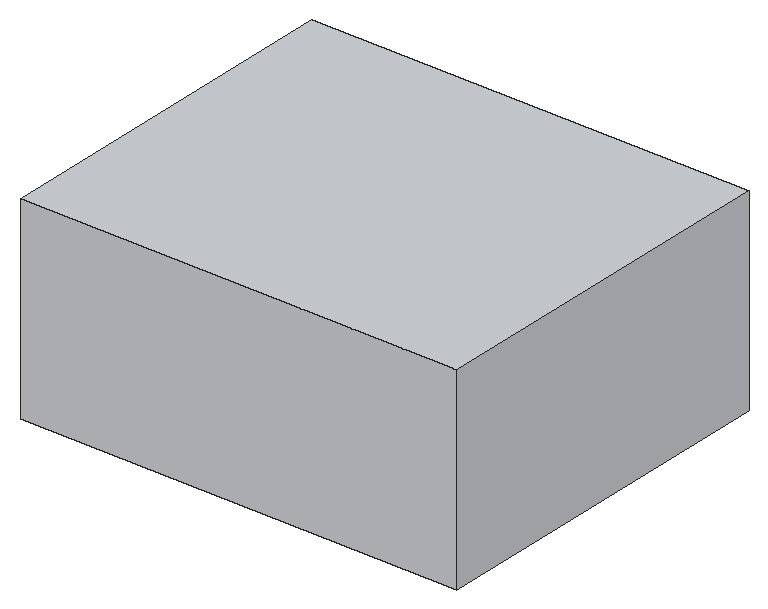
Revit family "Ванна для формования средств иммобилизации", category Оборудование, Revit 2017
Family settings
  Размер круглого соединителя = Использовать диаметр
  Тип детали = Нормальный
  На основе рабочей плоскости = Нет
  Всегда вертикально = Да
  При загрузке вырезать с полостями = Нет
  Общий = Нет
  Точка расчета площади = Нет
Parameters (values of type "Тип")
  Общ_Ширина = 730.0 mm
  Общ_Тип, марка = "MTRH1500EXA"
  Общ_Примечание ЭМ [instance] = ""
  Общ_Примечание = ""
  Общ_Поставщик = "Civco"
  Общ_Позиция = ""
  Общ_Напряжение = 220 V
  Общ_Наименование = "Ванна с подогревом для формирования средств иммобилизации пациента"
  Общ_Мощность номинальная = 2000 W
  Общ_Масса = ""
  Общ_Код продукции = ""
  Общ_Задание [instance] = "ЭМ"
  Общ_Единицы измерения = "шт."
  Общ_Глубина = 610.0 mm
  Общ_Высота = 330.0 mm
  Keynote = ""
  Model = ""
Reference planes
  plane 1 "По центру (Вперед/Назад)": y = 0
  plane 2: z = 0
  plane 3 "По центру (Влево/Вправо)": x = 0
Forms (mm)
  Extrusion 1, solid, detail levels fine
    sketch origin (0, 0, 0) x (1, 0, 0) y (0, 1, 0)
      loop
        line (-365, -305) -> (365, -305) -> (365, 305) -> (-365, 305) -> (-365, -305)
    from 0 to 330
Lines and regions (mm)
  symbolic lines, detail levels coarse+medium
    curve 1: line (-365, 305, 0) -> (365, 305, 0)
    curve 2: line (-365, -305, 0) -> (-365, 305, 0)
    curve 3: line (365, -305, 0) -> (-365, -305, 0)
    curve 4: line (365, 305, 0) -> (365, -305, 0)
Dimensions and locks
  aligned and locked: level to plane 2
